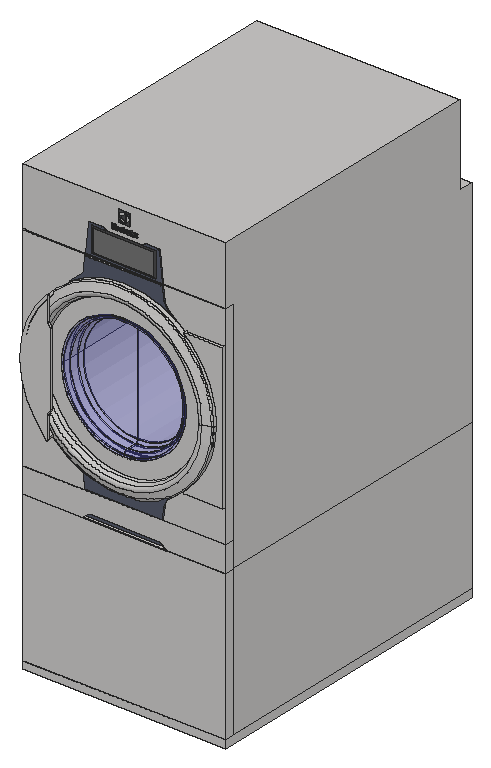
Revit family "TD6-20 Gas", category Attrezzature speciali, Revit 2014
Parameters
  Show Logo [instance] = yes
  Show Clearance [instance] = yes
  Manufacturer = ""
  Model = ""
  Description = ""
Reference planes
  plane 1: z = 0
  plane 2 "BACK": y = 652.5
  plane 3 "FRONT": y = -549.5
  plane 4 "LEFT": x = -799
  plane 5 "RIGHT": x = -6
  plane 6 "TOP": z = 1771
  plane 7: y = -601.5
  plane 8: y = -1323.5
Forms (mm)
  Extrusion 1, solid, material "QF_Finishes_Stainless Steel"
    sketch origin (718.1, -398.1, 598.796) x (0, 0, -1) y (0, 1, 0)
      loop
        line (-14.704, 1050.6) -> (-855.66, 1050.6) -> (-855.66, 994.6) -> (-941.204, 994.6) -> (-941.204, -115.453) -> (-14.704, -115.453) -> (-14.704, 1050.6)
    from -1517.1 to -724.1
  Extrusion 2, solid, material "QF_Finishes_Stainless Steel"
    sketch origin (718.1, -368.1, 598.796) x (0, 0, -1) y (0, 1, 0)
      loop
        line (568.796, -145.453) -> (568.796, 1020.6) -> (-14.704, 1020.6) -> (-14.704, -145.453) -> (568.796, -145.453)
    from -1517.1 to -724.1
  Sweep 3, solid, material "QF_Finishes_Black"
    path origin (686.327, -549.5, 1684.42) x (0, 0, -1) y (1, 0, 0)
      loop
        line (131.445, -962.809) -> (32.707, -962.809) -> (32.707, -1214.809) -> (131.445, -1214.809) -> (131.445, -962.809)
    profile origin (-276.482, -549.5, 1602.344) x (-1, 0, 0) y (0, -1, 0)
      loop
        line (5, 0) -> (5, 5)
        arc (5, 5) -> (1.464, 3.536) -> (0, 0) r 5
        line (0, 0) -> (5, 0)
  Extrusion 4, solid, material "QF_Finishes_Dark Grey"
    sketch origin (686.327, -549.5, 1684.42) x (0, 0, -1) y (1, 0, 0)
      loop
        line (126.445, -1209.809) -> (126.445, -967.809) -> (37.707, -967.809) -> (37.707, -1209.809) -> (126.445, -1209.809)
    from 0 to 4
  Extrusion 5, void
    sketch origin (889, -517.06, 1195.994) x (0, 0, -1) y (1, 0, 0)
      loop
        circle (69.994, -1291.5) r 245
    from -451.9 to 33.109
  Extrusion 6, solid, material "QF_Finishes_Stainless Steel"
    sketch origin (718.1, 596.5, 1540) x (0, 0, -1) y (-1, 0, 0)
      loop
        circle (43, 786.1) r 12.7
    from 0 to 5
  Extrusion 7, solid, material "QF_Finishes_Stainless Steel"
    sketch origin (653.455, 652.5, 172.018) x (0, 0, 1) y (1, 0, 0)
      loop
        circle (67.982, -1277.455) r 100
    from 0 to 5
  Extrusion 8, solid, material "QF_Finishes_Stainless Steel"
    sketch origin (-499, 0, 0) x (0, 1, 0) y (0, 0, 1)
      loop
        line (596.5, 1540) -> (596.5, 1771) -> (-549.5, 1771) -> (-549.5, 1541.816)
        arc (-549.5, 1541.816) -> (-548.968, 1540.532) -> (-547.684, 1540) r 1.816
        line (-547.684, 1540) -> (596.5, 1540)
    from -300 to 493
  Extrusion 9, solid, material "QF_Finishes_Stainless Steel"
    sketch origin (0, 0, 1114.3) x (-1, 0, 0) y (0, -1, 0)
      loop
        line (799, -652.5) -> (799, 549.5) -> (6, 549.5) -> (6, -652.5) -> (799, -652.5)
    from -1114.3 to -1084.3
  Extrusion 10, solid, material "QF_Finishes_Stainless Steel"
    sketch origin (-499, -118.96, 0) x (0, 1, 0) y (0, 0, 1)
      loop
        line (-394.593, 1540) -> (-430.54, 1540) -> (-430.54, 713.5) -> (-394.593, 713.5) -> (-394.593, 1540)
    from -300 to 493
  Extrusion 11, solid, material "QF_Finishes_Stainless Steel"
    sketch origin (-499, -118.96, 0) x (0, 1, 0) y (0, 0, 1)
      loop
        line (-430.54, 713.5) -> (-430.54, 613.5) -> (-394.593, 613.5) -> (-394.593, 713.5) -> (-430.54, 713.5)
    from -300 to 493
  Extrusion 12, solid, material "QF_Finishes_Stainless Steel"
    sketch origin (-499, -118.96, 0) x (0, 1, 0) y (0, 0, 1)
      loop
        line (-394.593, 613.5) -> (-430.54, 613.5) -> (-430.54, 30) -> (-394.593, 30) -> (-394.593, 613.5)
    from -300 to 493
  Sweep 13, solid, material "QF_Finishes_Stainless Steel"
    path origin (-409, -549.5, 1444.576) x (0, 0, -1) y (1, 0, 0)
      loop
        circle (318.576, 6.5) r 366.295
    profile origin (-402.5, -549.5, 1492.295) x (0, 0, -1) y (0, -1, 0)
      loop
        line (0, 0) -> (60.401, 0)
        arc (60.401, 0) -> (59.825, 6.814) -> (57.535, 13.257) r 26.651
        line (57.535, 13.257) -> (49.537, 28.994)
        arc (49.537, 28.994) -> (42.511, 35.32) -> (33.058, 35.302) r 13.156
        line (33.058, 35.302) -> (4.309, 24.168)
        arc (4.309, 24.168) -> (1.18, 21.691) -> (0, 17.88) r 6.744
        line (0, 17.88) -> (0, 0)
  Extrusion 14, solid, material "QF_Finishes_Stainless Steel"
    sketch origin (889, -689.525, 1195.994) x (0, 0, -1) y (1, 0, 0)
      loop
        line (353.669, -897.598) -> (-212.997, -897.549) -> (-213.01, -1046.361)
        arc (-213.01, -1046.361) -> (-212.131, -1048.481) -> (-210.011, -1049.36) r 2.999
        line (-210.011, -1049.36) -> (-204.852, -1049.36)
        arc (-204.852, -1049.36) -> (-80.8, -957.683) -> (69.994, -925.205) r 366.295
        arc (69.994, -925.205) -> (220.927, -957.746) -> (345.042, -1049.589) r 366.295
        line (345.042, -1049.589) -> (350.683, -1049.589)
        arc (350.683, -1049.589) -> (352.804, -1048.711) -> (353.682, -1046.59) r 2.999
        line (353.682, -1046.59) -> (353.669, -897.598)
    from -140.025 to -130.025
  Revolve 15, solid, material "QF_Door-Drawer Clearances", visible <- "Show Clearance", detail levels coarse
    sketch origin (889, -601.5, 1195.994) x (0, 0, -1) y (1, 0, 0)
      loop
        circle (69.994, -1291.5) r 366.295
      axis (69.994, -924.023) -> (68.994, -924.023)
    angle from 0 to -90
  Revolve 16, solid, material "QF_Finishes_Glass"
    sketch origin (-402.863, -289.313, 555.02) x (0, 1, 0) y (0, 0, 1)
      loop
        arc (-190.673, 783.338) -> (-195.066, 793.945) -> (-205.673, 798.338) r 15
        line (-205.673, 798.338) -> (-244.95, 798.338)
        arc (-244.95, 798.338) -> (-252.021, 801.267) -> (-254.95, 808.338) r 10
        line (-254.95, 808.338) -> (-254.95, 816.338) -> (-259.95, 816.338) -> (-259.95, 808.338)
        arc (-259.95, 808.338) -> (-255.556, 797.732) -> (-244.95, 793.338) r 15
        line (-244.95, 793.338) -> (-205.673, 793.338)
        arc (-205.673, 793.338) -> (-198.602, 790.409) -> (-195.673, 783.338) r 10
        line (-195.673, 783.338) -> (-195.673, 570.975) -> (-190.673, 570.975) -> (-190.673, 783.338)
      axis (-259.95, 570.975) -> (-190.673, 570.975)
    angle from 0 to 360
  Extrusion 17, solid, material "QF_Finishes_Stainless Steel"
    sketch origin (-529, -549.5, 1444.576) x (0, 0, -1) y (1, 0, 0)
      loop
        arc (176.622, -119.08) -> (174.216, -119.45) -> (172.033, -120.527) r 8
        line (172.033, -120.527) -> (158.099, -130.284)
        arc (158.099, -130.284) -> (155.934, -131.338) -> (153.554, -131.7) r 8
        line (153.554, -131.7) -> (65.736, -131.7)
        arc (65.736, -131.7) -> (63.285, -133.352) -> (63.896, -136.244) r 2.645
        arc (63.896, -136.244) -> (318.617, -239.419) -> (573.315, -136.187) r 365.919
        arc (573.315, -136.187) -> (573.918, -133.331) -> (571.497, -131.7) r 2.612
        line (571.497, -131.7) -> (483.599, -131.7)
        arc (483.599, -131.7) -> (481.193, -131.33) -> (479.01, -130.253) r 8
        line (479.01, -130.253) -> (465.119, -120.527)
        arc (465.119, -120.527) -> (462.936, -119.45) -> (460.53, -119.08) r 8
        line (460.53, -119.08) -> (176.622, -119.08)
    from 47.713 to 52
  Extrusion 18, solid, material "QF_Finishes_Stainless Steel"
    sketch origin (-529, -601.5, 1444.576) x (0, 0, -1) y (1, 0, 0)
      loop
        arc (63.896, -136.244) -> (318.617, -239.419) -> (573.315, -136.187) r 365.919
        line (573.315, -136.187) -> (563.547, -131.7)
        arc (563.547, -131.7) -> (318.584, -229.419) -> (73.616, -131.711) r 355.919
        line (73.616, -131.711) -> (63.896, -136.244)
    from -4.287 to -34.753
  Extrusion 19, void
    sketch origin (-401.334, -549.5, 611.842) x (0, 0, 1) y (1, 0, 0)
      loop
        arc (1.908, -169.725) -> (2.027, -168.962) -> (2.374, -168.272) r 2.499
        line (2.374, -168.272) -> (21.699, -140.672)
        arc (21.699, -140.672) -> (23.335, -137.382) -> (23.898, -133.751) r 11.994
        line (23.898, -133.751) -> (23.897, 130.467)
        arc (23.897, 130.467) -> (23.336, 134.095) -> (21.703, 137.383) r 11.994
        line (21.703, 137.383) -> (2.374, 164.988)
        arc (2.374, 164.988) -> (2.027, 165.678) -> (1.908, 166.441) r 2.499
        line (1.908, 166.441) -> (1.908, -169.725)
    from 0 to 13.427
  Extrusion 20, solid, material "QF_Finishes_Blue"
    sketch origin (-499, -549.5, 893.425) x (0, 0, 1) y (-1, 0, 0)
      loop
        arc (767.274, 37.584) -> (765.819, 41.099) -> (762.304, 42.555) r 4.971
        line (762.304, 42.555) -> (650.575, 54.795) -> (650.575, -247.832) -> (761.659, -235.663)
        arc (761.659, -235.663) -> (765.63, -234.018) -> (767.274, -230.047) r 5.615
        line (767.274, -230.047) -> (767.274, -186.505)
        arc (767.274, -186.505) -> (766.484, -180.953) -> (764.209, -175.828) r 20.351
        line (764.209, -175.828) -> (758.288, -166.304) -> (758.288, -222.518) -> (659.55, -222.518) -> (659.55, 29.482) -> (758.288, 29.482) -> (758.288, -26.732) -> (764.209, -17.208)
        arc (764.209, -17.208) -> (766.483, -12.086) -> (767.274, -6.538) r 20.35
        line (767.274, -6.538) -> (767.274, 37.584)
    from 0 to 1.6
  Extrusion 21, solid, material "QF_Finishes_Blue"
    sketch origin (-499, -549.5, 893.425) x (0, 0, 1) y (-1, 0, 0)
      loop
        arc (594.486, 60.933) -> (579.244, 65.533) -> (566.695, 75.331) r 43.3
        line (566.695, 75.331) -> (532.276, 114.098)
        arc (532.276, 114.098) -> (598.87, -96.026) -> (532.82, -306.322) r 366.295
        line (532.82, -306.322) -> (566.695, -268.167)
        arc (566.695, -268.167) -> (579.244, -258.37) -> (594.486, -253.77) r 43.3
        line (594.486, -253.77) -> (642.075, -248.6) -> (642.075, 55.764) -> (594.486, 60.933)
    from 0 to 1.6
  Extrusion 22, solid, material "QF_Finishes_Blue"
    sketch origin (-499, -549.5, 893.425) x (0, 0, 1) y (-1, 0, 0)
      loop
        line (-129.403, 60.926) -> (-176.925, 55.764) -> (-176.925, -248.6) -> (-129.403, -253.763)
        arc (-129.403, -253.763) -> (-114.123, -258.355) -> (-101.544, -268.169) r 43.3
        line (-101.544, -268.169) -> (-67.671, -306.321)
        arc (-67.671, -306.321) -> (-133.72, -96.026) -> (-67.127, 114.098) r 366.295
        line (-67.127, 114.098) -> (-101.544, 75.332)
        arc (-101.544, 75.332) -> (-114.123, 65.518) -> (-129.403, 60.926) r 43.3
    from 0 to 1.6
  Extrusion 23, solid, material "QF_Finishes_Stainless Steel"
    sketch origin (718.1, 596.5, 1540) x (0, 0, -1) y (-1, 0, 0)
      loop
        circle (43, 834.1) r 12.7
    from 0 to 5
Cuts and joins
  Extrusion 5 cuts Extrusion 1
  Extrusion 5 cuts Extrusion 8
  joined: Extrusion 1, Extrusion 8
  Extrusion 5 cuts Extrusion 10
  Extrusion 19 cuts Extrusion 11
  joined: Sweep 13, Extrusion 14, Extrusion 17, Extrusion 18
Lines and regions (mm)
  Split face 1
    outline origin (-6, -549.5, 1540) x (-1, 0, 0) y (0, 0, -1)
      loop
        circle (396.5, 414) r 305.895
  symbolic lines
    curve 1: line (-6, 652.5, 1771) -> (-799, 652.5, 1771)
    curve 2: line (-799, -549.5, 1771) -> (-6, -549.5, 1771)
    curve 3: line (-6, 652.5, 0) -> (-6, -549.5, 0)
    curve 4: line (-799, 652.5, 0) -> (-799, -549.5, 0)
    curve 6: line (-6, 596.5, 0) -> (-799, 596.5, 0)
  symbolic lines, style "QF_Door-Drawer Clearances", visible <- "Show Clearance"
    curve 5: line (-6, -1323.5, 0) -> (-6, -549.5, 0)
    curve 7: arc (-768.795, -549.5, 0) -> (-549.88, -1096.63, 0) -> (-6, -1323.5, 0) r 761.144
  symbolic lines, style "SpecialityEquipment"
    curve 8: line (-8.549, -559.5, 0) -> (-8.549, -549.5, 0)
    curve 9: line (-160.36, -559.5, 0) -> (-8.549, -559.5, 0)
    curve 10: line (-160.36, -549.5, 0) -> (-160.36, -559.5, 0)
    curve 11: line (-768.419, -601.5, 0) -> (-659.284, -601.5, 0)
    curve 12: line (-659.284, -597.213, 0) -> (-758.419, -597.213, 0)
    curve 13: line (-758.419, -569.602, 0) -> (-758.419, -597.213, 0)
    curve 14: line (-659.284, -597.213, 0) -> (-659.284, -601.5, 0)
    curve 15: line (-768.419, -569.602, 0) -> (-758.419, -569.602, 0)
    curve 16: line (-74.013, -585.689, 0) -> (-758.419, -585.689, 0)
    curve 17: line (-768.419, -569.602, 0) -> (-768.419, -601.5, 0)
    curve 18: line (-40.513, -573.668, 0) -> (-758.419, -573.668, 0)
    curve 19: line (-768.795, -549.5, 0) -> (-768.795, -567.38, 0)
    curve 20: arc (-768.795, -567.38, 0) -> (-768.701, -568.507, 0) -> (-768.419, -569.602, 0) r 6.744
    curve 21: line (-36.205, -559.5, 0) -> (-36.205, -567.38, 0)
    curve 22: line (-40.513, -573.668, 0) -> (-69.262, -584.802, 0)
    curve 23: arc (-36.205, -567.38, 0) -> (-37.385, -571.191, 0) -> (-40.513, -573.668, 0) r 6.744
    curve 24: arc (-74.013, -585.689, 0) -> (-71.597, -585.465, 0) -> (-69.262, -584.802, 0) r 13.156
Dimensions and locks
  plane 4 "LEFT" to plane 5 "RIGHT" = 793 mm
  plane 2 "BACK" to plane 3 "FRONT" = 1202 mm
  plane 6 "TOP" to level = 1771 mm
  Extrusion 2 to Extrusion 2 = 583.5 mm
  Extrusion 6 sketch curve to plane 6 "TOP" = 274 mm
  plane 5 "RIGHT" to Extrusion 6 sketch curve = 62 mm
  Extrusion 23 sketch curve to plane 6 "TOP" = 274 mm
  plane 5 "RIGHT" to Extrusion 23 sketch curve = 110 mm
  level to Extrusion 7 sketch curve = 240 mm
  Extrusion 7 sketch curve to plane 4 "LEFT" = 175 mm
  plane 2 "BACK" to plane 7 = 1254 mm
  plane 2 "BACK" to plane 8 = 1976 mm
  aligned and locked: level to plane 1
  aligned and locked: Extrusion 1 to plane 4 "LEFT"
  aligned and locked: plane 5 "RIGHT" to Extrusion 1
  aligned and locked: Extrusion 2 to plane 4 "LEFT"
  aligned and locked: plane 5 "RIGHT" to Extrusion 2
  aligned and locked: plane 5 "RIGHT" to Extrusion 8
  aligned and locked: Extrusion 8 to plane 4 "LEFT"
  aligned and locked: plane 5 "RIGHT" to Extrusion 12
  aligned and locked: Extrusion 12 to plane 4 "LEFT"
  aligned and locked: Extrusion 11 to plane 4 "LEFT"
  aligned and locked: plane 5 "RIGHT" to Extrusion 11
  aligned and locked: Extrusion 10 to plane 4 "LEFT"
  aligned and locked: plane 5 "RIGHT" to Extrusion 10
  aligned and locked: Extrusion 18 to Extrusion 17
Nested families
  nested 1: "ELX_Logo_S_New" at (-415.511, -549.5, 1674.59) x (1, 0, 0) z (0, -1, 0), visible <- "Show Logo", type "ELX_Logo_S_New"
    with Material QF_Finishes_Black
  nested 2: "ELX_Logo_Symbol_S" at (-394.886, -549.5, 1729.274) x (-1, 0, 0) z (0, -1, 0), visible <- "Show Logo", type "ELX_Logo_Symbol_S"
    with Material QF_Finishes_Black
Connectors
  piping at (-624, 657.5, 240), diameter 200
    settings: on Extrusion 7, index 3, connector inside diameter 609.6 mm, connector length 0 mm, flow factor 0, pipe flow 0.0 L/s, pressure drop 0.0 Pa, fitting loss kfactor 0, connector angle 0.00°, fixture units 0, engagement length 0 mm, angle of deflection 0.00°, flow configuration 1, flow direction 2, fitting loss method 0, system type 7, joint type 0, gender type 0, connector reference index -1, connector utility 0, adjustable connector no, is connector primary yes, connector description "Exhaust Connection"
  electrical at (-68, 601.5, 1497)
    settings: on Extrusion 6, index 4, voltage 0 V, apparent load 0 VA, apparent load phase1 0 VA, apparent load phase2 0 VA, apparent load phase3 0 VA, power factor 1, load classification "Other", number of poles 1, system type 30, power factor state 1, is connector primary yes, connector utility no, sub classification motor no, connector description "Electrical Connection"
  piping at (-116, 601.5, 1497), diameter 25.4
    settings: on Extrusion 23, index 5, connector inside diameter 609.6 mm, connector length 0 mm, flow factor 0, pipe flow 0.0 L/s, pressure drop 0.0 Pa, fitting loss kfactor 0, connector angle 0.00°, fixture units 0, engagement length 0 mm, angle of deflection 0.00°, flow configuration 1, flow direction 1, fitting loss method 0, system type 7, joint type 0, gender type 0, connector reference index -1, connector utility 0, adjustable connector no, is connector primary no, connector description "Gas Connection"
Definition of nested family "ELX_Logo_S_New"
  Parameters (values of type "ELX_Logo_S_New")
    Material [instance] = QF_Finishes_Gray
    Default Elevation = 0 mm
  Reference planes
    plane 1 "Centro (Fronte/Retro)": y = 0
    plane 2: z = 0
    plane 3 "Centro (Sinistra/Destra)": x = 0
  Forms (mm)
    Extrusion 1, solid
      sketch origin (0, 0, 0) x (1, 0, 0) y (0, 1, 0)
        loop
          line (-1219.2, 1219.2) -> (-1219.2, -1219.2) -> (1219.2, -1219.2) -> (1219.2, 1219.2) -> (-1219.2, 1219.2)
      from 0 to -304.8
    Extrusion 2, solid, material "QF_Finishes_Gray" <- "Material"
      sketch origin (0, 0, 0) x (1, 0, 0) y (0, 1, 0)
        loop
          spline (-31.006, -2.781) -> (-31.24, -2.771) -> (-31.49, -2.739) -> (-31.748, -2.68) -> (-32.009, -2.591) -> (-32.264, -2.469) -> (-32.508, -2.308) -> (-32.732, -2.105) -> (-32.932, -1.857) -> (-33.099, -1.559) -> (-33.226, -1.207) -> (-33.308, -0.798) -> (-33.337, -0.327)
          line (-33.337, -0.327) -> (-33.337, 1.761) -> (-26.444, 1.761) -> (-26.444, 4.423) -> (-33.338, 4.423) -> (-33.338, 8.299) -> (-26.005, 8.299) -> (-26.005, 10.954) -> (-36.159, 10.954) -> (-36.159, -0.206)
          spline (-36.159, -0.206) -> (-36.134, -0.893) -> (-36.057, -1.54) -> (-35.927, -2.145) -> (-35.743, -2.707) -> (-35.503, -3.222) -> (-35.206, -3.689) -> (-34.85, -4.106) -> (-34.433, -4.47) -> (-33.955, -4.779) -> (-33.414, -5.031) -> (-32.809, -5.223) -> (-32.137, -5.354)
          line (-32.137, -5.354) -> (-31.029, -5.433) -> (-25.809, -5.433) -> (-25.809, -2.781) -> (-31.006, -2.781)
        loop
          line (-23.804, 3.211) -> (-23.804, -5.437) -> (-20.982, -5.437) -> (-20.982, 10.958) -> (-23.804, 10.958) -> (-23.804, 3.211)
        loop
          spline (-7.052, -0.2) -> (-7.034, 0.688) -> (-7.119, 1.546) -> (-7.304, 2.368) -> (-7.586, 3.144) -> (-7.962, 3.868) -> (-8.426, 4.531) -> (-8.977, 5.126) -> (-9.61, 5.644) -> (-10.321, 6.077) -> (-11.107, 6.419) -> (-11.964, 6.66) -> (-12.889, 6.793)
          spline (-12.889, 6.793) -> (-13.767, 6.742) -> (-14.602, 6.592) -> (-15.387, 6.346) -> (-16.116, 6.008) -> (-16.782, 5.583) -> (-17.379, 5.073) -> (-17.902, 4.483) -> (-18.343, 3.816) -> (-18.697, 3.077) -> (-18.958, 2.269) -> (-19.119, 1.395) -> (-19.174, 0.46)
          spline (-19.174, 0.46) -> (-19.121, -0.452) -> (-18.964, -1.304) -> (-18.71, -2.094) -> (-18.362, -2.816) -> (-17.926, -3.468) -> (-17.406, -4.045) -> (-16.808, -4.544) -> (-16.137, -4.96) -> (-15.397, -5.291) -> (-14.594, -5.532) -> (-13.733, -5.679) -> (-12.817, -5.729)
          spline (-12.817, -5.729) -> (-12.371, -5.719) -> (-11.93, -5.685) -> (-11.493, -5.626) -> (-11.062, -5.54) -> (-10.636, -5.425) -> (-10.216, -5.277) -> (-9.8, -5.096) -> (-9.391, -4.879) -> (-8.987, -4.623) -> (-8.588, -4.326) -> (-8.196, -3.987) -> (-7.809, -3.603)
          line (-7.809, -3.603) -> (-9.51, -1.949)
          spline (-9.51, -1.949) -> (-9.734, -2.164) -> (-9.959, -2.362) -> (-10.188, -2.542) -> (-10.422, -2.703) -> (-10.662, -2.846) -> (-10.913, -2.971) -> (-11.174, -3.077) -> (-11.449, -3.163) -> (-11.739, -3.231) -> (-12.047, -3.28) -> (-12.374, -3.309) -> (-12.723, -3.319)
          spline (-12.723, -3.319) -> (-13.234, -3.294) -> (-13.713, -3.219) -> (-14.158, -3.098) -> (-14.568, -2.931) -> (-14.94, -2.72) -> (-15.272, -2.469) -> (-15.562, -2.177) -> (-15.809, -1.849) -> (-16.009, -1.485) -> (-16.162, -1.088) -> (-16.264, -0.659) -> (-16.314, -0.2)
          line (-16.314, -0.2) -> (-7.052, -0.2)
        loop
          spline (-9.888, 1.784) -> (-9.915, 2.133) -> (-9.995, 2.469) -> (-10.124, 2.788) -> (-10.298, 3.088) -> (-10.514, 3.365) -> (-10.768, 3.615) -> (-11.056, 3.836) -> (-11.376, 4.024) -> (-11.722, 4.176) -> (-12.092, 4.289) -> (-12.482, 4.359) -> (-12.889, 4.383)
          spline (-12.889, 4.383) -> (-13.325, 4.36) -> (-13.744, 4.291) -> (-14.144, 4.18) -> (-14.52, 4.03) -> (-14.868, 3.844) -> (-15.186, 3.624) -> (-15.469, 3.375) -> (-15.715, 3.099) -> (-15.919, 2.798) -> (-16.077, 2.477) -> (-16.186, 2.138) -> (-16.243, 1.784)
          line (-16.243, 1.784) -> (-9.888, 1.784)
        loop
          spline (-2.737, 0.532) -> (-2.704, 1.057) -> (-2.61, 1.555) -> (-2.457, 2.022) -> (-2.249, 2.455) -> (-1.991, 2.851) -> (-1.685, 3.205) -> (-1.336, 3.514) -> (-0.948, 3.775) -> (-0.524, 3.984) -> (-0.067, 4.138) -> (0.417, 4.233) -> (0.926, 4.265)
          spline (0.926, 4.265) -> (1.238, 4.255) -> (1.537, 4.226) -> (1.824, 4.178) -> (2.098, 4.112) -> (2.362, 4.027) -> (2.615, 3.925) -> (2.858, 3.806) -> (3.093, 3.67) -> (3.318, 3.518) -> (3.536, 3.349) -> (3.746, 3.165) -> (3.95, 2.966)
          line (3.95, 2.966) -> (5.699, 4.785)
          spline (5.699, 4.785) -> (5.351, 5.133) -> (4.992, 5.446) -> (4.624, 5.724) -> (4.246, 5.969) -> (3.859, 6.181) -> (3.463, 6.362) -> (3.059, 6.512) -> (2.646, 6.633) -> (2.226, 6.725) -> (1.8, 6.79) -> (1.366, 6.828) -> (0.926, 6.841)
          spline (0.926, 6.841) -> (0.044, 6.786) -> (-0.801, 6.626) -> (-1.601, 6.367) -> (-2.349, 6.014) -> (-3.037, 5.573) -> (-3.658, 5.051) -> (-4.204, 4.453) -> (-4.668, 3.785) -> (-5.041, 3.053) -> (-5.318, 2.263) -> (-5.489, 1.421) -> (-5.548, 0.532)
          spline (-5.548, 0.532) -> (-5.489, -0.357) -> (-5.318, -1.199) -> (-5.041, -1.989) -> (-4.668, -2.721) -> (-4.204, -3.389) -> (-3.658, -3.987) -> (-3.037, -4.509) -> (-2.349, -4.95) -> (-1.601, -5.303) -> (-0.801, -5.562) -> (0.044, -5.722) -> (0.926, -5.777)
          spline (0.926, -5.777) -> (1.366, -5.764) -> (1.8, -5.726) -> (2.226, -5.662) -> (2.646, -5.569) -> (3.059, -5.449) -> (3.463, -5.298) -> (3.859, -5.117) -> (4.246, -4.905) -> (4.624, -4.66) -> (4.992, -4.382) -> (5.351, -4.069) -> (5.699, -3.721)
          line (5.699, -3.721) -> (3.95, -1.902)
          spline (3.95, -1.902) -> (3.746, -2.101) -> (3.536, -2.285) -> (3.318, -2.453) -> (3.093, -2.606) -> (2.858, -2.742) -> (2.615, -2.861) -> (2.362, -2.964) -> (2.098, -3.048) -> (1.824, -3.114) -> (1.537, -3.162) -> (1.238, -3.191) -> (0.926, -3.201)
          spline (0.926, -3.201) -> (0.417, -3.169) -> (-0.067, -3.074) -> (-0.524, -2.92) -> (-0.948, -2.711) -> (-1.336, -2.45) -> (-1.685, -2.141) -> (-1.991, -1.787) -> (-2.249, -1.391) -> (-2.457, -0.958) -> (-2.61, -0.491) -> (-2.704, 0.007) -> (-2.737, 0.532)
        loop
          spline (12.895, -2.785) -> (12.646, -2.789) -> (12.379, -2.77) -> (12.102, -2.724) -> (11.82, -2.646) -> (11.542, -2.531) -> (11.274, -2.376) -> (11.024, -2.175) -> (10.797, -1.924) -> (10.602, -1.618) -> (10.445, -1.253) -> (10.334, -0.824) -> (10.275, -0.327)
          line (10.275, -0.327) -> (10.275, 3.855) -> (12.842, 3.855) -> (12.842, 6.419) -> (10.278, 6.419) -> (10.278, 10.958) -> (7.456, 10.958) -> (7.456, -0.488)
          spline (7.456, -0.488) -> (7.516, -1.152) -> (7.626, -1.776) -> (7.785, -2.359) -> (7.996, -2.899) -> (8.26, -3.392) -> (8.577, -3.837) -> (8.951, -4.232) -> (9.38, -4.575) -> (9.868, -4.864) -> (10.415, -5.096) -> (11.023, -5.27) -> (11.693, -5.383)
          line (11.693, -5.383) -> (12.885, -5.437) -> (12.895, -2.785)
        loop
          spline (22.391, 6.583) -> (21.903, 6.613) -> (21.433, 6.605) -> (20.982, 6.558) -> (20.553, 6.476) -> (20.145, 6.358) -> (19.76, 6.207) -> (19.401, 6.022) -> (19.067, 5.807) -> (18.76, 5.561) -> (18.482, 5.286) -> (18.234, 4.984) -> (18.016, 4.655)
          line (18.016, 4.655) -> (18.016, 6.418) -> (15.217, 6.418) -> (15.217, -5.437) -> (18.016, -5.437) -> (18.016, 0.797)
          spline (18.016, 0.797) -> (18.042, 1.269) -> (18.118, 1.71) -> (18.242, 2.117) -> (18.412, 2.488) -> (18.627, 2.822) -> (18.884, 3.117) -> (19.182, 3.371) -> (19.518, 3.583) -> (19.892, 3.751) -> (20.3, 3.873) -> (20.742, 3.947) -> (21.215, 3.972)
          line (21.215, 3.972) -> (22.391, 3.855) -> (22.391, 6.583)
        loop
          spline (35.761, 0.49) -> (35.702, 1.36) -> (35.53, 2.189) -> (35.253, 2.971) -> (34.878, 3.698) -> (34.414, 4.364) -> (33.867, 4.963) -> (33.246, 5.488) -> (32.558, 5.932) -> (31.811, 6.289) -> (31.013, 6.552) -> (30.171, 6.715) -> (29.293, 6.771)
          spline (29.293, 6.771) -> (28.409, 6.715) -> (27.564, 6.552) -> (26.763, 6.289) -> (26.016, 5.932) -> (25.328, 5.488) -> (24.708, 4.963) -> (24.163, 4.364) -> (23.701, 3.698) -> (23.328, 2.971) -> (23.053, 2.189) -> (22.882, 1.36) -> (22.823, 0.49)
          spline (22.823, 0.49) -> (22.882, -0.379) -> (23.053, -1.208) -> (23.328, -1.989) -> (23.701, -2.716) -> (24.163, -3.382) -> (24.708, -3.981) -> (25.328, -4.506) -> (26.016, -4.951) -> (26.763, -5.308) -> (27.564, -5.571) -> (28.409, -5.734) -> (29.293, -5.79)
          spline (29.293, -5.79) -> (30.171, -5.734) -> (31.013, -5.571) -> (31.811, -5.308) -> (32.558, -4.951) -> (33.246, -4.506) -> (33.867, -3.981) -> (34.414, -3.382) -> (34.878, -2.716) -> (35.253, -1.989) -> (35.53, -1.208) -> (35.702, -0.379) -> (35.761, 0.49)
        loop
          spline (32.961, 0.49) -> (32.929, 1.004) -> (32.833, 1.493) -> (32.679, 1.955) -> (32.47, 2.385) -> (32.21, 2.779) -> (31.903, 3.134) -> (31.553, 3.445) -> (31.164, 3.709) -> (30.739, 3.921) -> (30.283, 4.077) -> (29.8, 4.174) -> (29.293, 4.207)
          spline (29.293, 4.207) -> (28.781, 4.174) -> (28.294, 4.077) -> (27.836, 3.921) -> (27.411, 3.709) -> (27.022, 3.445) -> (26.673, 3.134) -> (26.368, 2.779) -> (26.11, 2.385) -> (25.903, 1.955) -> (25.75, 1.493) -> (25.656, 1.004) -> (25.624, 0.49)
          spline (25.624, 0.49) -> (25.656, -0.022) -> (25.75, -0.512) -> (25.903, -0.973) -> (26.11, -1.403) -> (26.368, -1.798) -> (26.673, -2.153) -> (27.022, -2.464) -> (27.411, -2.728) -> (27.836, -2.94) -> (28.294, -3.096) -> (28.781, -3.193) -> (29.293, -3.226)
          spline (29.293, -3.226) -> (29.8, -3.193) -> (30.283, -3.096) -> (30.739, -2.94) -> (31.164, -2.728) -> (31.553, -2.464) -> (31.903, -2.153) -> (32.21, -1.798) -> (32.47, -1.403) -> (32.679, -0.973) -> (32.833, -0.512) -> (32.929, -0.022) -> (32.961, 0.49)
        loop
          line (37.497, 3.493) -> (37.497, -5.437) -> (40.321, -5.437) -> (40.321, 10.958) -> (37.497, 10.958) -> (37.497, 3.493)
        loop
          line (50.501, 6.418) -> (50.501, -0.473)
          spline (50.501, -0.473) -> (50.478, -0.921) -> (50.412, -1.325) -> (50.305, -1.686) -> (50.159, -2.005) -> (49.978, -2.282) -> (49.763, -2.52) -> (49.517, -2.718) -> (49.243, -2.878) -> (48.943, -3.001) -> (48.619, -3.087) -> (48.275, -3.139) -> (47.913, -3.155)
          spline (47.913, -3.155) -> (47.55, -3.139) -> (47.206, -3.088) -> (46.883, -3.001) -> (46.583, -2.879) -> (46.309, -2.72) -> (46.063, -2.523) -> (45.849, -2.287) -> (45.667, -2.012) -> (45.522, -1.696) -> (45.414, -1.339) -> (45.348, -0.94) -> (45.326, -0.498)
          line (45.326, -0.498) -> (45.326, 6.418) -> (42.479, 6.418) -> (42.479, -0.733)
          spline (42.479, -0.733) -> (42.53, -1.543) -> (42.676, -2.28) -> (42.911, -2.945) -> (43.228, -3.537) -> (43.621, -4.058) -> (44.082, -4.508) -> (44.604, -4.888) -> (45.18, -5.197) -> (45.804, -5.437) -> (46.468, -5.607) -> (47.165, -5.709) -> (47.89, -5.743)
          spline (47.89, -5.743) -> (48.62, -5.709) -> (49.323, -5.605) -> (49.993, -5.432) -> (50.621, -5.189) -> (51.203, -4.875) -> (51.729, -4.491) -> (52.194, -4.034) -> (52.59, -3.506) -> (52.91, -2.905) -> (53.147, -2.231) -> (53.295, -1.484) -> (53.346, -0.662)
          line (53.346, -0.662) -> (53.346, 6.418) -> (50.501, 6.418)
        loop
          line (64.026, -1.646) -> (62.246, 0.843) -> (64.45, 3.846) -> (66.338, 6.418) -> (63.257, 6.418) -> (60.692, 2.866) -> (58.105, 6.418) -> (55.047, 6.418) -> (56.801, 4.02) -> (59.14, 0.82) -> (56.689, -2.595) -> (54.647, -5.437) -> (57.682, -5.437) -> (60.692, -1.25) -> (63.703, -5.437) -> (66.738, -5.437) -> (64.026, -1.646)
      from 0 to 1.644
  Dimensions and locks
    aligned and locked: plane 2 to Extrusion 1
    aligned and locked: level to Extrusion 1
Definition of nested family "ELX_Logo_Symbol_S"
  Parameters (values of type "ELX_Logo_Symbol_S")
    Material [instance] = QF_Finishes_Gray
    Default Elevation = 0 mm
  Reference planes
    plane 1 "Centro (Fronte/Retro)": y = 0
    plane 2: z = 0
    plane 3 "Centro (Sinistra/Destra)": x = 0
  Forms (mm)
    Extrusion 1, solid
      sketch origin (0, 0, 0) x (1, 0, 0) y (0, 1, 0)
        loop
          line (-1219.2, 1219.2) -> (-1219.2, -1219.2) -> (1219.2, -1219.2) -> (1219.2, 1219.2) -> (-1219.2, 1219.2)
      from 0 to -304.8
    Extrusion 2, solid, material "QF_Finishes_Gray" <- "Material"
      sketch origin (94.462, 558.781, 0) x (1, 0, 0) y (0, 1, 0)
        loop
          line (-92.971, -571.574) -> (-92.971, -531.14)
          arc (-92.971, -531.14) -> (-107.917, -551.357) -> (-92.971, -571.574) r 21.146
        loop
          arc (-90.914, -571.574) -> (-74.098, -567.752) -> (-65.997, -552.529) r 20.723
          line (-65.997, -552.529) -> (-72.686, -552.529)
          arc (-72.686, -552.529) -> (-84.636, -557.38) -> (-90.914, -568.646) r 19.424
          line (-90.914, -568.646) -> (-90.914, -571.574)
        loop
          arc (-90.914, -534.068) -> (-84.636, -545.334) -> (-72.686, -550.185) r 19.424
          line (-72.686, -550.185) -> (-65.997, -550.185)
          arc (-65.997, -550.185) -> (-74.085, -534.837) -> (-90.914, -530.621) r 21.265
          line (-90.914, -530.621) -> (-90.914, -534.068)
        loop
          line (-64.462, -573.781) -> (-64.462, -528.842) -> (-109.462, -528.842) -> (-109.462, -573.781) -> (-64.462, -573.781)
      from 0 to 1.644
  Dimensions and locks
    aligned and locked: plane 2 to Extrusion 1
    aligned and locked: level to Extrusion 1
